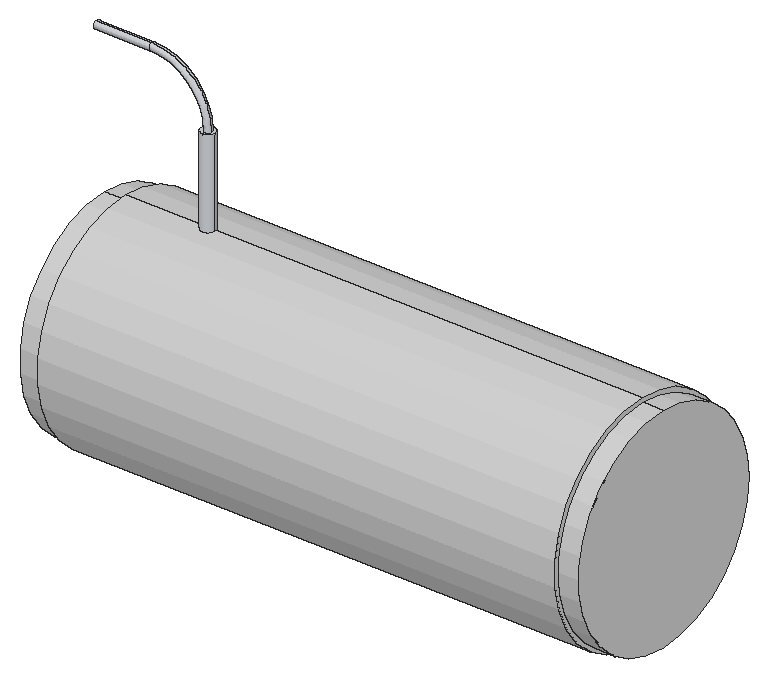
Revit family "Lagur Pro", category Plumbing Fixtures, Revit 2020
Family settings
  Round Connector Dimension = Use Diameter
  Part Type = Normal
  OmniClass Number = 23.65.50.11.11.14
  OmniClass Title = Water Softeners
  Work Plane-Based = No
  Always vertical = No
  Cut with Voids When Loaded = No
  Shared = No
  Room Calculation Point = No
Parameters (values of type "DN100")
  x = (Y / 2) - 3 mm  # 76 mm
  Y = 158 mm
  X = 400 mm
  Weight = 17.60 kg
  Watt = 40 W  # constant formula
  Waste Connection = no
  Version = "1.0"
  Vent Connection = no
  Uniclass2015Version = ""
  Uniclass2015Title = ""
  Uniclass2015Description = "Water distribution and supply system"  # constant formula
  Uniclass2015Code = "Ss_55_70"  # constant formula
  URL = "https://lagur.dk/"
  UNSPSCCode = ""
  Thread = "4\" RG."
  Thread dimension in mm = 76.2 mm
  Revision = ""
  ProductInformation = ""
  NominalHeight = ""
  NominalDepth = ""
  Model = "Lagur Pro DN100"
  Manufacturer = "Lagur A/S"  # constant formula
  IfcExportType = ""
  IfcExportAs = ""
  IfcClassification = "IfcFlowTerminal"
  IP Rating = "IP68"  # constant formula
  HW Connection = no
  Default Elevation = 0 mm
  CobieTypeCategory = ""
  AuthorURL = "www.prodlib.com"
  Author = "ProdLib"  # constant formula
Types (9, lengths in mm): name | x | Y | X | Weight | Thread | Thread dimension in mm | Model | IfcClassification
  (no name) | 76 | 158 | 400 | 17.60 kg | "4\" RG." | 76.2 | "Lagur Pro DN100" | "IfcFlowTerminal"
  DN20 | 32 | 70 | 352 | 4.65 kg | "3/4\" RG." | 19.1 | "Lagur Pro DN20" | ""
  DN25 | 32 | 70 | 352 | 4.85 kg | "1\" RG." | 25.4 | "Lagur Pro DN25" | ""
  DN32 | 41.45 | 88.9 | 385 | 7.45 kg | "5/4\" RG." | 31.8 | "Lagur Pro DN32" | ""
  DN40 | 41.45 | 88.9 | 385 | 8.75 kg | "1 1/2\" RG." | 38.1 | "Lagur Pro DN40" | ""
  DN50 | 54.15 | 114.3 | 385 | 9.40 kg | "2\" RG." | 50.8 | "Lagur Pro DN50" | ""
  DN65 | 54.15 | 114.3 | 385 | 10.25 kg | "2 1/2\" RG." | 63.5 | "Lagur Pro DN65" | ""
  DN80 | 76 | 158 | 400 | 16.50 kg | "3\" RG." | 76.2 | "Lagur Pro DN80" | ""
  DN100 | 76 | 158 | 400 | 17.60 kg | "4\" RG." | 76.2 | "Lagur Pro DN100" | "IfcFlowTerminal"
Reference planes
  plane 1 "Center (Front/Back)": y = 0
  plane 2: z = 0
  plane 3 "Center (Left/Right)": x = 0
  plane 4: x = -200
  plane 5: x = 200
  plane 6: z = 79
  plane 7: z = -79
  plane 8: x = -185
  plane 9: x = 185
  plane 10: x = -150
  plane 11: z = 76
Forms (mm)
  Extrusion 1, solid, material "Steel", detail levels medium+fine
    sketch origin (0, 0, 0) x (0, 1, 0) y (0, 0, 1)
      loop
        circle (0, 0) r 79
    from -185 to 185
  Extrusion 2, solid, material "Steel", detail levels medium+fine
    sketch origin (0, 0, 0) x (0, 1, 0) y (0, 0, 1)
      loop
        circle (0, 0) r 76
    from -200 to -185
  Extrusion 3, solid, material "Steel", detail levels medium+fine
    sketch origin (0, 0, 0) x (0, 1, 0) y (0, 0, 1)
      loop
        circle (0, 0) r 76
    from 185 to 200
  Extrusion 4, solid, material "Steel", detail levels coarse
    sketch origin (0, 0, 0) x (0, 1, 0) y (0, 0, 1)
      loop
        circle (0, 0) r 79
    from -200 to 200
Cuts and joins
  joined: Extrusion 1, Extrusion 2, Extrusion 3
Dimensions and locks
  equal spacing: plane 4, plane 3 "Center (Left/Right)", plane 5
  "X": plane 4 to plane 5
  equal spacing: plane 6, level, plane 7
  "Y": plane 6 to plane 7
  locked: Extrusion 1 to Extrusion 2 sketch curve at 3  (x2)
  locked: plane 4 to plane 8 at 15
  locked: plane 9 to plane 5 at 15
  locked: plane 4 to plane 10 at 50
  "x": plane 11 to level
  aligned and locked: level to plane 2
  aligned and locked: plane 1 "Center (Front/Back)" to Extrusion 1 sketch curve  (x2)
  aligned and locked: plane 6 to Extrusion 1 sketch curve
  aligned and locked: plane 7 to Extrusion 1 sketch curve
  aligned and locked: Extrusion 2 to plane 4
  aligned and locked: Extrusion 2 to plane 8
  aligned and locked: Extrusion 1 to Extrusion 2
  aligned and locked: Extrusion 1 to plane 9
  aligned and locked: Extrusion 3 sketch curve to Extrusion 2  (x2)
  aligned and locked: Extrusion 3 to plane 5
  aligned and locked: plane 1 "Center (Front/Back)" to nested 1
  aligned and locked: nested 1 to plane 11
  aligned and locked: Extrusion 4 sketch curve to cut or joined group of Extrusion 1, Extrusion 2, Extrusion 3
  aligned and locked: Extrusion 4 to plane 5
  aligned and locked: Extrusion 4 to plane 4
  aligned and locked: Extrusion 3 to Extrusion 1
Automatic sketch dimensions
  Extrusion 2 sketch curve to plane 1 "Center (Front/Back)" = 0 mm
  Extrusion 4 sketch curve to plane 1 "Center (Front/Back)" = 0 mm  (x2)
  Extrusion 1 sketch curve to plane 1 "Center (Front/Back)" = 0 mm
Nested families
  nested 1: "Outer connector" at (-126, 0, 76), type "Outer connector", detail levels medium+fine
Connectors
  piping at (200, 0, 0), diameter 76.2, driven by "Thread dimension in mm"
    settings: on cut or joined group of Extrusion 1, Extrusion 2, Extrusion 3, index 1, connector inside diameter 24", connector length 0 mm, flow factor 0, pipe flow 0.0 L/s, pressure drop 0.0 Pa, fitting loss kfactor 0, connector angle 0.00°, fixture units 0, engagement length 0 mm, angle of deflection 0.00°, flow configuration 0, flow direction 2, fitting loss method 0, system type 20, joint type 0, gender type 0, connector reference index -1, connector utility 0, adjustable connector no, is connector primary yes, connector description ""
  piping at (-200, 0, 0), diameter 76.2, driven by "Thread dimension in mm"
    settings: on cut or joined group of Extrusion 1, Extrusion 2, Extrusion 3, index 2, connector inside diameter 24", connector length 0 mm, flow factor 0, pipe flow 0.0 L/s, pressure drop 0.0 Pa, fitting loss kfactor 0, connector angle 0.00°, fixture units 0, engagement length 0 mm, angle of deflection 0.00°, flow configuration 0, flow direction 1, fitting loss method 0, system type 20, joint type 0, gender type 0, connector reference index -1, connector utility 0, adjustable connector no, is connector primary no, connector description ""
  electrical at (-206, 0, 181)
    settings: on nested 1, index 3, voltage 230 V, apparent load 0 VA, apparent load phase1 0 VA, apparent load phase2 0 VA, apparent load phase3 0 VA, power factor 1, load classification "Other", number of poles 1, system type 13, power factor state 1, is connector primary yes, connector utility no, sub classification motor no, connector description "r controller cable"
Definition of nested family "Outer connector"
  Parameters (values of type "Outer connector")
    h1 = 65 mm
    Default Elevation = 0 mm
  Reference planes
    plane 1 "Center (Front/Back)": y = 0
    plane 2: z = 0
    plane 3 "Center (Left/Right)": x = 0
    plane 4: z = 65
    plane 5: z = 105
    plane 6: x = -80
    plane 7: x = -40
    plane 8: z = 20.5
  Forms (mm)
    Extrusion 1, solid
      sketch origin (0, 0, 0) x (1, 0, 0) y (0, 1, 0)
        loop
          circle (0, 0) r 5
      from 0 to 65
    Sweep 2, solid
      path origin (0, 0, 0) x (1, 0, 0) y (0, 0, 1)
        loop
          arc (0, 65) -> (-11.716, 93.284) -> (-40, 105) r 40
          line (-40, 105) -> (-80, 105)
      profile origin (-11.716, 0, 93.284) x (-0.707107, 0, -0.707107) y (0, -1, 0)
        loop
          circle (0, 0) r 2.5
  Dimensions and locks
    "h1": plane 4 to level
    locked: plane 5 to level at 105
    locked: plane 3 "Center (Left/Right)" to plane 6 at 80
    plane 7 to plane 6 = 40 mm
    aligned and locked: level to plane 2
    aligned and locked: plane 4 to Extrusion 1
    aligned and locked: Extrusion 1 to level
  Automatic sketch dimensions
    plane 1 "Center (Front/Back)" to Extrusion 1 sketch curve = 0 mm
    Extrusion 1 sketch curve to plane 3 "Center (Left/Right)" = 0 mm
    Sweep 2 sketch curve to plane 6 = 0 mm
    Sweep 2 sketch curve to plane 5 = 0 mm
    plane 7 to Sweep 2 sketch curve = 0 mm
    Sweep 2 sketch curve to plane 3 "Center (Left/Right)" = 0 mm
    plane 1 "Center (Front/Back)" to Sweep 2 sketch curve = 0 mm
    Sweep 2 sketch curve to profile plane = 0 mm
    radius of Extrusion 1 sketch curve = 5 mm
    radius of Sweep 2 sketch curve = 2.5 mm
